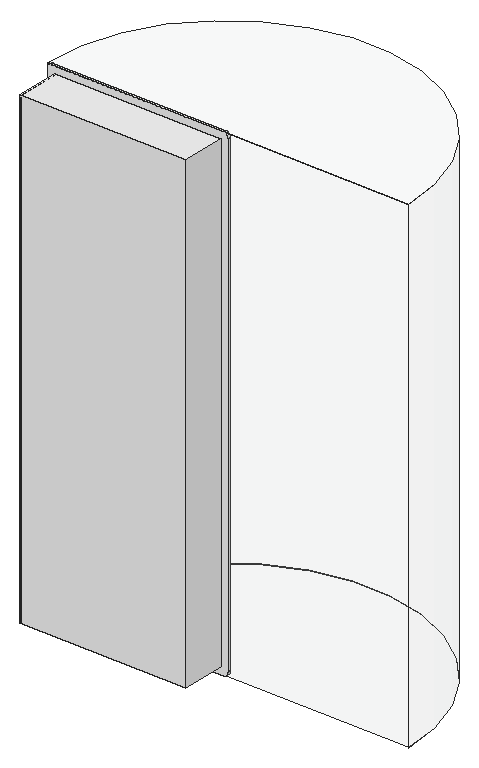
Revit family "Electrical_Equipment-Network-Leviton-MetalSME", category Electrical Equipment, host Wall, Revit 2016
Family settings
  Host = Wall
  Part Type = Other Panel
  Round Connector Dimension = Use Diameter
  Always vertical = Yes
  Cut with Voids When Loaded = Yes
  Shared = No
  Room Calculation Point = No
Parameters (values of type "42"")
  z Vents are Visible [instance] = and(Cover or Door is Visible, Premium Vented Door)  # yes
  z Leviton Type = 2
  Width = 15.62"  # constant formula
  URL = "http://www.leviton.com/OA_HTML/SectionDisplay.jsp?section=37665&minisite=10251"
  UPC Code = ""
  Technical Support Phone Number = "1-800-824-3005"  # constant formula
  Serial Number = ""
  Provide Feedback = ""
  Product Page = "http://www.leviton.com/en/products/connected-home/structured-media-enclosures/enclosures-covers-doors"
  Premium Vented Door [instance] = yes
  Power Source Type = ""
  Point of Shipment = ""
  Mounting Depth [instance] = 0.00"
  Model Disclaimer = "http://www.leviton.com/BIMTERMS"
  Model = "See Product Page"  # constant formula
  MasterFormat Number = ""
  Manufacturer = "Leviton"  # constant formula
  Label ID = ""
  Is Provided by Others = no
  Height = if(z Leviton Type = 0, 15.35", if(z Leviton Type = 1, 28.10", if(z Leviton Type = 2, 42.10", 30.00")))  # 42.10"
  Family Version = "1.0.0"  # constant formula
  Equipment Type = ""
  Equipment Abbreviation = "MSME"  # constant formula
  Description = "Structured Media Enclosure, 42 in."
  Date Last Modified = "March 30, 2017"  # constant formula
  Cover or Door is Visible [instance] = yes
  Copyright = "Copyright © 2012-2017 Leviton Manufacturing Co., Inc."  # constant formula
  Check for Latest Version = "leviton.com/bim"
  Category Rating = ""
  Area Served = ""
Types (4): name | z Leviton Type | Mounting Depth | Height | Description
  (no name) | 2 | 0.00" | 42.10" | "Structured Media Enclosure, 42 in."
  14" | 0 | 0.10" | 15.35" | "Structured Media Enclosure, 14 in."
  28" | 1 | 0.10" | 28.10" | "Structured Media Enclosure, 28 in."
  42" | 2 | 0.00" | 42.10" | "Structured Media Enclosure, 42 in."
Reference planes (in)
  plane 1: y = 0
  plane 2 "Center (Left/Right)": x = 0
  plane 3 "Wall Edge": y = 3
  plane 4 "Right": x = -7.81
  plane 5 "Left": x = 7.81
  plane 6 "Bottom": z = 17.9
  plane 7 "Top": z = 60
  plane 8 "Front": y = 3
  plane 9 "Back": y = -0.81
  plane 10: x = 7.15
  plane 11: x = -7.15
  plane 12 "Internal Mounting Surface": y = -0.774
  plane 13: z = 38.95
  plane 14 "Front of Door": y = 3.2
Forms (in)
  Extrusion 1, solid, material "Powder Coated Metal - Leviton - White"
    sketch origin (0, 3, 0) x (0, 0, 1) y (-1, 0, 0)
      loop
        line (59.38, -7.15) -> (59.38, 7.15) -> (18.52, 7.15) -> (18.52, -7.15) -> (59.38, -7.15)
    from 0 to 3.81
  Extrusion 2, void
    sketch origin (0, 3, 0) x (0, 0, 1) y (-1, 0, 0)
      loop
        line (59.34, 7.11) -> (18.56, 7.11) -> (18.56, -7.11) -> (59.34, -7.11) -> (59.34, 7.11)
    from 0 to 3.774
  Extrusion 3, solid, material "Clearance Areas - Leviton", visible <- "Cover or Door is Visible"
    sketch origin (1.66422, 1.78443, 0) x (1, 0, 0) y (0, 1, 0)
      loop
        line (-9.47422, 1.21557) -> (21.76578, 1.21557)
        arc (21.76578, 1.21557) -> (6.14578, 16.83557) -> (-9.47422, 1.21557) r 15.62
    from 17.9 to 60
  Extrusion 4, void
    sketch origin (0, 3, 0) x (0, 0, 1) y (-1, 0, 0)
      loop
        line (59.38, -7.15) -> (59.38, 7.15) -> (18.52, 7.15) -> (18.52, -7.15) -> (59.38, -7.15)
    from 0 to 3.81
  Extrusion 5, solid, material "Powder Coated Metal - Leviton - White", visible <- "Cover or Door is Visible"
    sketch origin (0, 3, 0) x (0, 0, 1) y (-1, 0, 0)
      loop
        line (60, -7.41) -> (60, 7.41)
        arc (60, 7.41) -> (59.88284, 7.69284) -> (59.6, 7.81) r 0.4
        line (59.6, 7.81) -> (18.3, 7.81)
        arc (18.3, 7.81) -> (18.01716, 7.69284) -> (17.9, 7.41) r 0.4
        line (17.9, 7.41) -> (17.9, -7.41)
        arc (17.9, -7.41) -> (18.01716, -7.69284) -> (18.3, -7.81) r 0.4
        line (18.3, -7.81) -> (59.6, -7.81)
        arc (59.6, -7.81) -> (59.88284, -7.69284) -> (60, -7.41) r 0.4
    from 0 to -0.2
Cuts and joins
  Extrusion 2 cuts Extrusion 1
  Extrusion 4 cuts Extrusion 3
Lines and regions (in)
  model lines, style "Enclosure", visible <- "z Vents are Visible", detail levels medium+fine
    curve 1: line (2.25, 3.2, 58.5) -> (0.25, 3.2, 58.5)
    curve 2: line (2.25, 3.2, 58.414) -> (2.25, 3.2, 58.5)
    curve 3: line (0.25, 3.2, 58.414) -> (2.25, 3.2, 58.414)
    curve 4: line (0.25, 3.2, 58.5) -> (0.25, 3.2, 58.414)
    curve 5: line (2.25, 3.2, 58.25) -> (0.25, 3.2, 58.25)
    curve 6: line (2.25, 3.2, 58.164) -> (2.25, 3.2, 58.25)
    curve 7: line (0.25, 3.2, 58.164) -> (2.25, 3.2, 58.164)
    curve 8: line (0.25, 3.2, 58.25) -> (0.25, 3.2, 58.164)
    curve 9: line (2.25, 3.2, 58) -> (0.25, 3.2, 58)
    curve 10: line (2.25, 3.2, 57.914) -> (2.25, 3.2, 58)
    curve 11: line (0.25, 3.2, 57.914) -> (2.25, 3.2, 57.914)
    curve 12: line (0.25, 3.2, 58) -> (0.25, 3.2, 57.914)
    curve 13: line (2.25, 3.2, 57.75) -> (0.25, 3.2, 57.75)
    curve 14: line (2.25, 3.2, 57.664) -> (2.25, 3.2, 57.75)
    curve 15: line (0.25, 3.2, 57.664) -> (2.25, 3.2, 57.664)
    curve 16: line (0.25, 3.2, 57.75) -> (0.25, 3.2, 57.664)
    curve 17: line (2.25, 3.2, 57.5) -> (0.25, 3.2, 57.5)
    curve 18: line (2.25, 3.2, 57.414) -> (2.25, 3.2, 57.5)
    curve 19: line (0.25, 3.2, 57.414) -> (2.25, 3.2, 57.414)
    curve 20: line (0.25, 3.2, 57.5) -> (0.25, 3.2, 57.414)
    curve 21: line (2.25, 3.2, 57.25) -> (0.25, 3.2, 57.25)
    curve 22: line (2.25, 3.2, 57.164) -> (2.25, 3.2, 57.25)
    curve 23: line (0.25, 3.2, 57.164) -> (2.25, 3.2, 57.164)
    curve 24: line (0.25, 3.2, 57.25) -> (0.25, 3.2, 57.164)
    curve 25: line (2.25, 3.2, 57) -> (0.25, 3.2, 57)
    curve 26: line (2.25, 3.2, 56.914) -> (2.25, 3.2, 57)
    curve 27: line (0.25, 3.2, 56.914) -> (2.25, 3.2, 56.914)
    curve 28: line (0.25, 3.2, 57) -> (0.25, 3.2, 56.914)
    curve 29: line (2.25, 3.2, 56.75) -> (0.25, 3.2, 56.75)
    curve 30: line (2.25, 3.2, 56.664) -> (2.25, 3.2, 56.75)
    curve 31: line (0.25, 3.2, 56.664) -> (2.25, 3.2, 56.664)
    curve 32: line (0.25, 3.2, 56.75) -> (0.25, 3.2, 56.664)
    curve 33: line (2.25, 3.2, 56.5) -> (0.25, 3.2, 56.5)
    curve 34: line (2.25, 3.2, 56.414) -> (2.25, 3.2, 56.5)
    curve 35: line (0.25, 3.2, 56.414) -> (2.25, 3.2, 56.414)
    curve 36: line (0.25, 3.2, 56.5) -> (0.25, 3.2, 56.414)
    curve 37: line (-2.25, 3.2, 58.5) -> (-0.25, 3.2, 58.5)
    curve 38: line (-2.25, 3.2, 58.414) -> (-2.25, 3.2, 58.5)
    curve 39: line (-0.25, 3.2, 58.414) -> (-2.25, 3.2, 58.414)
    curve 40: line (-0.25, 3.2, 58.5) -> (-0.25, 3.2, 58.414)
    curve 41: line (-2.25, 3.2, 58.25) -> (-0.25, 3.2, 58.25)
    curve 42: line (-2.25, 3.2, 58.164) -> (-2.25, 3.2, 58.25)
    curve 43: line (-0.25, 3.2, 58.164) -> (-2.25, 3.2, 58.164)
    curve 44: line (-0.25, 3.2, 58.25) -> (-0.25, 3.2, 58.164)
    curve 45: line (-2.25, 3.2, 58) -> (-0.25, 3.2, 58)
    curve 46: line (-2.25, 3.2, 57.914) -> (-2.25, 3.2, 58)
    curve 47: line (-0.25, 3.2, 57.914) -> (-2.25, 3.2, 57.914)
    curve 48: line (-0.25, 3.2, 58) -> (-0.25, 3.2, 57.914)
    curve 49: line (-2.25, 3.2, 57.75) -> (-0.25, 3.2, 57.75)
    curve 50: line (-2.25, 3.2, 57.664) -> (-2.25, 3.2, 57.75)
    curve 51: line (-0.25, 3.2, 57.664) -> (-2.25, 3.2, 57.664)
    curve 52: line (-0.25, 3.2, 57.75) -> (-0.25, 3.2, 57.664)
    curve 53: line (-2.25, 3.2, 57.5) -> (-0.25, 3.2, 57.5)
    curve 54: line (-2.25, 3.2, 57.414) -> (-2.25, 3.2, 57.5)
    curve 55: line (-0.25, 3.2, 57.414) -> (-2.25, 3.2, 57.414)
    curve 56: line (-0.25, 3.2, 57.5) -> (-0.25, 3.2, 57.414)
    curve 57: line (-2.25, 3.2, 57.25) -> (-0.25, 3.2, 57.25)
    curve 58: line (-2.25, 3.2, 57.164) -> (-2.25, 3.2, 57.25)
    curve 59: line (-0.25, 3.2, 57.164) -> (-2.25, 3.2, 57.164)
    curve 60: line (-0.25, 3.2, 57.25) -> (-0.25, 3.2, 57.164)
    curve 61: line (-2.25, 3.2, 57) -> (-0.25, 3.2, 57)
    curve 62: line (-2.25, 3.2, 56.914) -> (-2.25, 3.2, 57)
    curve 63: line (-0.25, 3.2, 56.914) -> (-2.25, 3.2, 56.914)
    curve 64: line (-0.25, 3.2, 57) -> (-0.25, 3.2, 56.914)
    curve 65: line (-2.25, 3.2, 56.75) -> (-0.25, 3.2, 56.75)
    curve 66: line (-2.25, 3.2, 56.664) -> (-2.25, 3.2, 56.75)
    curve 67: line (-0.25, 3.2, 56.664) -> (-2.25, 3.2, 56.664)
    curve 68: line (-0.25, 3.2, 56.75) -> (-0.25, 3.2, 56.664)
    curve 69: line (-2.25, 3.2, 56.5) -> (-0.25, 3.2, 56.5)
    curve 70: line (-2.25, 3.2, 56.414) -> (-2.25, 3.2, 56.5)
    curve 71: line (-0.25, 3.2, 56.414) -> (-2.25, 3.2, 56.414)
    curve 72: line (-0.25, 3.2, 56.5) -> (-0.25, 3.2, 56.414)
    curve 73: line (2.25, 3.2, 19.4) -> (0.25, 3.2, 19.4)
    curve 74: line (2.25, 3.2, 19.486) -> (2.25, 3.2, 19.4)
    curve 75: line (0.25, 3.2, 19.486) -> (2.25, 3.2, 19.486)
    curve 76: line (0.25, 3.2, 19.4) -> (0.25, 3.2, 19.486)
    curve 77: line (2.25, 3.2, 19.65) -> (0.25, 3.2, 19.65)
    curve 78: line (2.25, 3.2, 19.736) -> (2.25, 3.2, 19.65)
    curve 79: line (0.25, 3.2, 19.736) -> (2.25, 3.2, 19.736)
    curve 80: line (0.25, 3.2, 19.65) -> (0.25, 3.2, 19.736)
    curve 81: line (2.25, 3.2, 19.9) -> (0.25, 3.2, 19.9)
    curve 82: line (2.25, 3.2, 19.986) -> (2.25, 3.2, 19.9)
    curve 83: line (0.25, 3.2, 19.986) -> (2.25, 3.2, 19.986)
    curve 84: line (0.25, 3.2, 19.9) -> (0.25, 3.2, 19.986)
    curve 85: line (2.25, 3.2, 20.15) -> (0.25, 3.2, 20.15)
    curve 86: line (2.25, 3.2, 20.236) -> (2.25, 3.2, 20.15)
    curve 87: line (0.25, 3.2, 20.236) -> (2.25, 3.2, 20.236)
    curve 88: line (0.25, 3.2, 20.15) -> (0.25, 3.2, 20.236)
    curve 89: line (2.25, 3.2, 20.4) -> (0.25, 3.2, 20.4)
    curve 90: line (2.25, 3.2, 20.486) -> (2.25, 3.2, 20.4)
    curve 91: line (0.25, 3.2, 20.486) -> (2.25, 3.2, 20.486)
    curve 92: line (0.25, 3.2, 20.4) -> (0.25, 3.2, 20.486)
    curve 93: line (2.25, 3.2, 20.65) -> (0.25, 3.2, 20.65)
    curve 94: line (2.25, 3.2, 20.736) -> (2.25, 3.2, 20.65)
    curve 95: line (0.25, 3.2, 20.736) -> (2.25, 3.2, 20.736)
    curve 96: line (0.25, 3.2, 20.65) -> (0.25, 3.2, 20.736)
    curve 97: line (2.25, 3.2, 20.9) -> (0.25, 3.2, 20.9)
    curve 98: line (2.25, 3.2, 20.986) -> (2.25, 3.2, 20.9)
    curve 99: line (0.25, 3.2, 20.986) -> (2.25, 3.2, 20.986)
    curve 100: line (0.25, 3.2, 20.9) -> (0.25, 3.2, 20.986)
    curve 101: line (2.25, 3.2, 21.15) -> (0.25, 3.2, 21.15)
    curve 102: line (2.25, 3.2, 21.236) -> (2.25, 3.2, 21.15)
    curve 103: line (0.25, 3.2, 21.236) -> (2.25, 3.2, 21.236)
    curve 104: line (0.25, 3.2, 21.15) -> (0.25, 3.2, 21.236)
    curve 105: line (2.25, 3.2, 21.4) -> (0.25, 3.2, 21.4)
    curve 106: line (2.25, 3.2, 21.486) -> (2.25, 3.2, 21.4)
    curve 107: line (0.25, 3.2, 21.486) -> (2.25, 3.2, 21.486)
    curve 108: line (0.25, 3.2, 21.4) -> (0.25, 3.2, 21.486)
    curve 109: line (-2.25, 3.2, 19.4) -> (-0.25, 3.2, 19.4)
    curve 110: line (-2.25, 3.2, 19.486) -> (-2.25, 3.2, 19.4)
    curve 111: line (-0.25, 3.2, 19.486) -> (-2.25, 3.2, 19.486)
    curve 112: line (-0.25, 3.2, 19.4) -> (-0.25, 3.2, 19.486)
    curve 113: line (-2.25, 3.2, 19.65) -> (-0.25, 3.2, 19.65)
    curve 114: line (-2.25, 3.2, 19.736) -> (-2.25, 3.2, 19.65)
    curve 115: line (-0.25, 3.2, 19.736) -> (-2.25, 3.2, 19.736)
    curve 116: line (-0.25, 3.2, 19.65) -> (-0.25, 3.2, 19.736)
    curve 117: line (-2.25, 3.2, 19.9) -> (-0.25, 3.2, 19.9)
    curve 118: line (-2.25, 3.2, 19.986) -> (-2.25, 3.2, 19.9)
    curve 119: line (-0.25, 3.2, 19.986) -> (-2.25, 3.2, 19.986)
    curve 120: line (-0.25, 3.2, 19.9) -> (-0.25, 3.2, 19.986)
    curve 121: line (-2.25, 3.2, 20.15) -> (-0.25, 3.2, 20.15)
    curve 122: line (-2.25, 3.2, 20.236) -> (-2.25, 3.2, 20.15)
    curve 123: line (-0.25, 3.2, 20.236) -> (-2.25, 3.2, 20.236)
    curve 124: line (-0.25, 3.2, 20.15) -> (-0.25, 3.2, 20.236)
    curve 125: line (-2.25, 3.2, 20.4) -> (-0.25, 3.2, 20.4)
    curve 126: line (-2.25, 3.2, 20.486) -> (-2.25, 3.2, 20.4)
    curve 127: line (-0.25, 3.2, 20.486) -> (-2.25, 3.2, 20.486)
    curve 128: line (-0.25, 3.2, 20.4) -> (-0.25, 3.2, 20.486)
    curve 129: line (-2.25, 3.2, 20.65) -> (-0.25, 3.2, 20.65)
    curve 130: line (-2.25, 3.2, 20.736) -> (-2.25, 3.2, 20.65)
    curve 131: line (-0.25, 3.2, 20.736) -> (-2.25, 3.2, 20.736)
    curve 132: line (-0.25, 3.2, 20.65) -> (-0.25, 3.2, 20.736)
    curve 133: line (-2.25, 3.2, 20.9) -> (-0.25, 3.2, 20.9)
    curve 134: line (-2.25, 3.2, 20.986) -> (-2.25, 3.2, 20.9)
    curve 135: line (-0.25, 3.2, 20.986) -> (-2.25, 3.2, 20.986)
    curve 136: line (-0.25, 3.2, 20.9) -> (-0.25, 3.2, 20.986)
    curve 137: line (-2.25, 3.2, 21.15) -> (-0.25, 3.2, 21.15)
    curve 138: line (-2.25, 3.2, 21.236) -> (-2.25, 3.2, 21.15)
    curve 139: line (-0.25, 3.2, 21.236) -> (-2.25, 3.2, 21.236)
    curve 140: line (-0.25, 3.2, 21.15) -> (-0.25, 3.2, 21.236)
    curve 141: line (-2.25, 3.2, 21.4) -> (-0.25, 3.2, 21.4)
    curve 142: line (-2.25, 3.2, 21.486) -> (-2.25, 3.2, 21.4)
    curve 143: line (-0.25, 3.2, 21.486) -> (-2.25, 3.2, 21.486)
    curve 144: line (-0.25, 3.2, 21.4) -> (-0.25, 3.2, 21.486)
Text (in)
  text "Placement Side" at (0, 40.15149, 123.01588), in view "Right"
  text "Placement Side" at (-70.3804, 28.46503, 0), in view "Ref. Level"
  text "Placement Side" at (0, 81.62555, 140.59947), in view "Left"
Dimensions and locks (in)
  locked: plane 3 "Wall Edge" to host wall
  equal spacing: plane 4 "Right", plane 2 "Center (Left/Right)", plane 5 "Left"
  equal spacing: plane 11, plane 2 "Center (Left/Right)", plane 10
  plane 11 to plane 10 = 14.30"
  "Mounting Depth": plane 3 "Wall Edge" to plane 8 "Front"
  locked: plane 9 "Back" to plane 8 "Front" at 3.81
  plane 9 "Back" to plane 12 "Internal Mounting Surface" = 0.036"
  plane 9 "Back" to host wall = 0.81"
  "Height": plane 6 "Bottom" to plane 7 "Top"
  plane 7 "Top" to level = 60.00"
  "Width": plane 5 "Left" to plane 4 "Right"
  equal spacing: plane 6 "Bottom", plane 13, plane 7 "Top"
  Extrusion 1 sketch curve to plane 7 "Top" = 0.62"
  plane 6 "Bottom" to Extrusion 1 sketch curve = 0.62"
  locked: plane 8 "Front" to plane 14 "Front of Door" at 0.2
  aligned and locked: host wall to level
  aligned and locked: Extrusion 1 sketch curve to plane 10
  aligned and locked: Extrusion 1 sketch curve to plane 11
  aligned and locked: plane 12 "Internal Mounting Surface" to Extrusion 2
  aligned and locked: Extrusion 1 to plane 9 "Back"
  aligned and locked: Extrusion 1 to plane 8 "Front"
  aligned and locked: Extrusion 4 to plane 9 "Back"
  aligned and locked: host wall to Extrusion 4
  aligned and locked: plane 14 "Front of Door" to Extrusion 5
  aligned and locked: plane 7 "Top" to Extrusion 3
  aligned and locked: Extrusion 3 to plane 6 "Bottom"
Automatic sketch dimensions
  plane 6 "Bottom" to Extrusion 2 sketch curve = 0.66"
  Extrusion 2 sketch curve to plane 7 "Top" = 0.66"
  Extrusion 2 sketch curve to plane 5 "Left" = 0.70"
  plane 4 "Right" to Extrusion 2 sketch curve = 0.70"
  plane 6 "Bottom" to Extrusion 4 sketch curve = 0.62"
  Extrusion 4 sketch curve to plane 7 "Top" = 0.62"
  Extrusion 4 sketch curve to plane 5 "Left" = 0.66"
  plane 4 "Right" to Extrusion 4 sketch curve = 0.66"
  plane 2 "Center (Left/Right)" to curve 1 = 2.25"
  plane 2 "Center (Left/Right)" to curve 107 = 2.25"
  curve 5 to curve 2 = 0.00"
  curve 103 to curve 105 = 0.00"
  curve 9 to curve 6 = 0.00"
  curve 99 to curve 101 = 0.00"
  curve 13 to curve 10 = 0.00"
  curve 95 to curve 97 = 0.00"
  curve 17 to curve 14 = 0.00"
  curve 91 to curve 93 = 0.00"
  curve 21 to curve 18 = 0.00"
  curve 87 to curve 89 = 0.00"
  curve 25 to curve 22 = 0.00"
  curve 83 to curve 85 = 0.00"
  curve 29 to curve 26 = 0.00"
  curve 79 to curve 81 = 0.00"
  curve 33 to curve 30 = 0.00"
  curve 75 to curve 77 = 0.00"
  plane 2 "Center (Left/Right)" to curve 91 = 0.25"
  plane 2 "Center (Left/Right)" to curve 108 = 0.25"
  plane 2 "Center (Left/Right)" to curve 1 = 0.25"
  curve 104 to curve 105 = 0.00"
  curve 5 to curve 3 = 0.00"
  curve 100 to curve 101 = 0.00"
  curve 9 to curve 7 = 0.00"
  curve 96 to curve 97 = 0.00"
  curve 13 to curve 11 = 0.00"
  curve 17 to curve 15 = 0.00"
  curve 88 to curve 89 = 0.00"
  curve 21 to curve 19 = 0.00"
  curve 84 to curve 85 = 0.00"
  curve 25 to curve 23 = 0.00"
  curve 80 to curve 81 = 0.00"
  curve 29 to curve 27 = 0.00"
  curve 76 to curve 77 = 0.00"
  curve 33 to curve 31 = 0.00"
  curve 72 to plane 2 "Center (Left/Right)" = 0.25"
  curve 109 to plane 2 "Center (Left/Right)" = 0.25"
  curve 69 to curve 68 = 0.00"
  curve 111 to curve 113 = 0.00"
  curve 65 to curve 64 = 0.00"
  curve 115 to curve 117 = 0.00"
  curve 61 to curve 60 = 0.00"
  curve 119 to curve 121 = 0.00"
  curve 57 to curve 56 = 0.00"
  curve 123 to curve 125 = 0.00"
  curve 144 to plane 2 "Center (Left/Right)" = 0.25"
  curve 53 to curve 52 = 0.00"
  curve 127 to curve 129 = 0.00"
  curve 49 to curve 48 = 0.00"
  curve 131 to curve 133 = 0.00"
  curve 45 to curve 44 = 0.00"
  curve 135 to curve 137 = 0.00"
  curve 41 to curve 40 = 0.00"
  curve 109 to curve 109 = 2.00"
  curve 71 to curve 71 = 2.00"
  curve 110 to curve 113 = 0.00"
  curve 69 to curve 67 = 0.00"
  curve 114 to curve 117 = 0.00"
  curve 65 to curve 63 = 0.00"
  curve 118 to curve 121 = 0.00"
  curve 61 to curve 59 = 0.00"
  curve 122 to curve 125 = 0.00"
  curve 57 to curve 55 = 0.00"
  curve 126 to curve 129 = 0.00"
  curve 53 to curve 51 = 0.00"
  curve 130 to curve 133 = 0.00"
  curve 49 to curve 47 = 0.00"
  curve 134 to curve 137 = 0.00"
  curve 45 to curve 43 = 0.00"
  curve 138 to curve 141 = 0.00"
  curve 41 to curve 39 = 0.00"
  plane 6 "Bottom" to curve 73 = 1.50"
  plane 6 "Bottom" to curve 109 = 1.50"
  curve 109 to curve 111 = 0.086"
  curve 73 to curve 74 = 0.086"
  curve 74 to curve 78 = 0.164"
  curve 110 to curve 113 = 0.164"
  curve 77 to curve 79 = 0.086"
  curve 113 to curve 115 = 0.086"
  curve 78 to curve 82 = 0.164"
  curve 114 to curve 117 = 0.164"
  curve 81 to curve 83 = 0.086"
  curve 117 to curve 119 = 0.086"
  curve 83 to curve 85 = 0.164"
  curve 118 to curve 122 = 0.164"
  curve 85 to curve 87 = 0.086"
  curve 121 to curve 124 = 0.086"
  curve 87 to curve 92 = 0.164"
  curve 122 to curve 125 = 0.164"
  curve 89 to curve 91 = 0.086"
  curve 125 to curve 126 = 0.086"
  curve 91 to curve 93 = 0.164"
  curve 126 to curve 129 = 0.164"
  curve 129 to curve 130 = 0.086"
  curve 93 to curve 94 = 0.086"
  curve 94 to curve 97 = 0.164"
  curve 130 to curve 134 = 0.164"
  curve 133 to curve 134 = 0.086"
  curve 97 to curve 100 = 0.086"
  curve 134 to curve 138 = 0.164"
  curve 99 to curve 101 = 0.164"
  curve 137 to curve 140 = 0.086"
  curve 101 to curve 104 = 0.086"
  curve 103 to curve 105 = 0.164"
  curve 138 to curve 141 = 0.164"
  curve 141 to curve 143 = 0.086"
  curve 105 to curve 107 = 0.086"
  curve 72 to plane 7 "Top" = 3.586"
  curve 34 to curve 71 = 0.00"
  curve 34 to curve 34 = 0.086"
  curve 71 to curve 69 = 0.086"
  curve 33 to curve 31 = 0.164"
  curve 69 to curve 66 = 0.164"
  curve 30 to curve 30 = 0.086"
  curve 66 to curve 65 = 0.086"
  curve 65 to curve 64 = 0.164"
  curve 29 to curve 26 = 0.164"
  curve 26 to curve 26 = 0.086"
  curve 62 to curve 62 = 0.086"
  curve 61 to curve 59 = 0.164"
  curve 25 to curve 23 = 0.164"
  curve 22 to curve 22 = 0.086"
  curve 58 to curve 57 = 0.086"
  curve 21 to curve 20 = 0.164"
  curve 57 to curve 55 = 0.164"
  curve 55 to curve 56 = 0.086"
  curve 18 to curve 18 = 0.086"
  curve 53 to curve 52 = 0.164"
  curve 17 to curve 15 = 0.164"
  curve 51 to curve 52 = 0.086"
  curve 14 to curve 14 = 0.086"
  curve 13 to curve 12 = 0.164"
  curve 49 to curve 47 = 0.164"
  curve 10 to curve 9 = 0.086"
  curve 46 to curve 45 = 0.086"
  curve 45 to curve 43 = 0.164"
  curve 9 to curve 7 = 0.164"
  curve 6 to curve 6 = 0.086"
  curve 43 to curve 44 = 0.086"
  curve 41 to curve 40 = 0.164"
  curve 5 to curve 3 = 0.164"
  curve 3 to curve 4 = 0.086"
  curve 38 to curve 37 = 0.086"
  Extrusion 5 sketch curve to plane 6 "Bottom" = 0.00"
  Extrusion 5 sketch curve to plane 5 "Left" = 0.00"
  Extrusion 5 sketch curve to plane 4 "Right" = 0.00"
  Extrusion 5 sketch curve to plane 7 "Top" = 0.00"
  plane 6 "Bottom" to Extrusion 5 sketch curve = 0.40"  (x2)
  Extrusion 5 sketch curve to plane 5 "Left" = 0.40"
  Extrusion 5 sketch curve to Extrusion 5 sketch curve = 0.40"
  Extrusion 3 sketch curve to plane 4 "Right" = 0.00"
  Extrusion 3 sketch curve to plane 5 "Left" = 0.00"
  plane 8 "Front" to Extrusion 3 sketch curve = 0.00"
Connectors (in)
  electrical at (0, 3, 56.15)
    settings: index 1, voltage 0 V, apparent load 0 VA, apparent load phase1 0 VA, apparent load phase2 0 VA, apparent load phase3 0 VA, power factor 1, load classification "Other", number of poles 1, system type 5, power factor state 1, is connector primary yes, connector utility no, sub classification motor no, connector description ""
